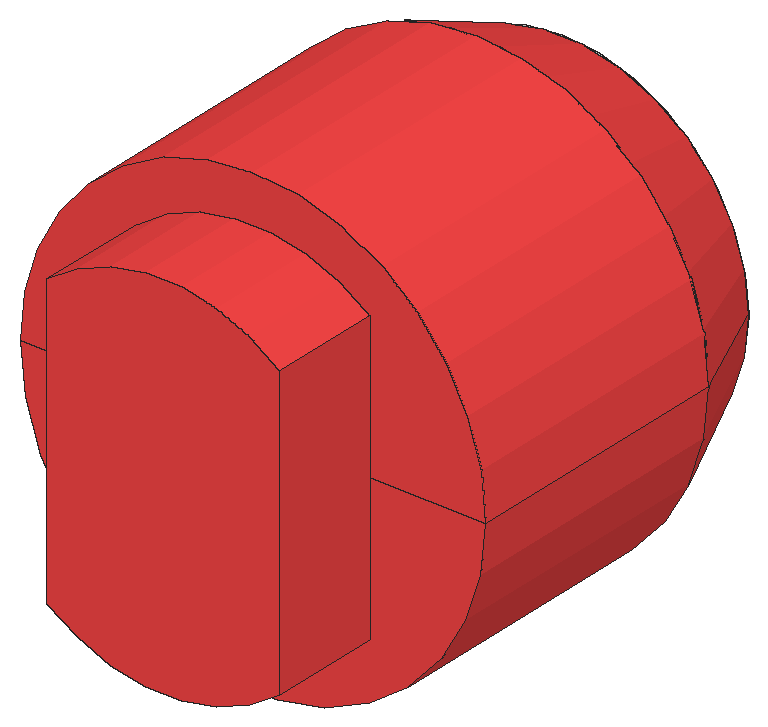
Revit family "CWSS-RW-W6 ENScape optisk-akustisk signalgiver rød IP65_Vegg", category Fire Alarm Devices, Revit 2016
Family settings
  Maintain Annotation Orientation = Yes
  Part Type = Normal
  Round Connector Dimension = Use Diameter
  OmniClass Number = 23.85.30.21.11.17
  OmniClass Title = Other Components
  Work Plane-Based = No
  Always vertical = No
  Cut with Voids When Loaded = No
  Shared = No
  Room Calculation Point = No
Parameters (values of type "Optisk signalgiver")
  Type Comments = "-XH"
  Reference Line Out [instance] = 45.00 mm
  NS8360 = "5423_XN2"
  Manufacturer = "Honeywell"
  Keynote = "XN2"
  IP r = CQ Length A / 2 - 10.00 mm  # 40.00 mm
  CQ Symbol Positive Direction [instance] = yes
  CQ Symbol Offset Side [instance] = 0.00 mm
  CQ Symbol Offset Out [instance] = 0.00 mm
  CQ Material = Plastic - Red
  CQ Length B = 98.00 mm
  CQ Length A = 100.00 mm
  Assembly Code = "5423"
Reference planes
  plane 1 "Center (Front/Back)": y = 0
  plane 2: z = 0
  plane 3 "Center (Left/Right)": x = 0
  plane 4: x = -50
  plane 5: x = 50
  plane 6: y = 98
  plane 7: y = 83
  plane 8: y = -24
Forms (mm)
  Revolve 1, solid, material "Plastic - Red" <- "CQ Material"
    sketch origin (0, 0, 0) x (1, 0, 0) y (0, -1, 0)
      loop
        line (0, 0) -> (0, -83) -> (40, -83) -> (50, -60) -> (50, 0) -> (0, 0)
      axis (0, -83) -> (0, 0)
    angle from 0 to 360
  Revolve 2, solid, material "Plastic White Transparent"
    sketch origin (0, 0, 0) x (1, 0, 0) y (0, 1, 0)
      loop
        line (0, 83) -> (40, 83)
        arc (40, 83) -> (21.893, 94.121) -> (1, 98) r 58.2
        line (1, 98) -> (0, 98) -> (0, 83)
      axis (0, 98) -> (0, 83)
    angle from 0 to 360
  Extrusion 3, solid, material "Plastic - Red" <- "CQ Material"
    sketch origin (0, 0, 0) x (1, 0, 0) y (0, 0, 1)
      loop
        arc (25, 31.225) -> (0, 40) -> (-25, 31.225) r 40
        line (-25, 31.225) -> (-25, -31.225)
        arc (-25, -31.225) -> (0, -40) -> (25, -31.225) r 40
        line (25, -31.225) -> (25, 31.225)
    from 0 to 24
Cuts and joins
  joined: Revolve 1, Extrusion 3
Lines and regions (mm)
  model lines, style "InvisibleLines"
    curve 1: line (0, 0, 0) -> (0, 45, 0)
Dimensions and locks
  "Reference Line Out": plane 1 "Center (Front/Back)" to curve 1
  "CQ Length B": plane 6 to plane 1 "Center (Front/Back)"
  plane 6 to plane 7 = 15.00 mm
  equal spacing: plane 4, plane 3 "Center (Left/Right)", plane 5
  "CQ Length A": plane 4 to plane 5
  plane 8 to plane 1 "Center (Front/Back)" = 24.00 mm
  Extrusion 3 sketch curve to plane 4 = 25.00 mm
  locked: Extrusion 3 sketch curve to plane 5 at 25
  radius of Extrusion 3 sketch curve = 40.00 mm
  "IP r": radius of Extrusion 3 sketch curve
  aligned and locked: level to plane 2
  aligned and locked: curve 1 to plane 3 "Center (Left/Right)"
  aligned and locked: plane 1 "Center (Front/Back)" to curve 1
  aligned and locked: curve 1 to plane 2
  aligned and locked: plane 1 "Center (Front/Back)" to Revolve 1 sketch curve
  aligned and locked: plane 3 "Center (Left/Right)" to nested 1
  aligned and locked: plane 1 "Center (Front/Back)" to nested 1
  aligned and locked: Revolve 1 sketch curve to plane 7
  aligned and locked: Revolve 1 sketch curve to plane 3 "Center (Left/Right)"
  aligned and locked: nested 1 to Revolve 2 sketch curve
  aligned and locked: Revolve 2 sketch curve to plane 7
  aligned and locked: Revolve 2 sketch curve to plane 6
  aligned and locked: cut or joined group of Revolve 1, Extrusion 3 to plane 8
Automatic sketch dimensions
  Revolve 1 sketch curve to plane 3 "Center (Left/Right)" = 0.00 mm
  Revolve 1 sketch curve to plane 5 = 0.00 mm
  plane 5 to Revolve 1 sketch curve = 10.00 mm
  plane 7 to Revolve 1 sketch curve = 23.00 mm
  Revolve 1 sketch curve to plane 6 = 15.00 mm
  Revolve 1 sketch curve to Revolve 1 sketch curve = 38.00 mm
  Revolve 2 sketch curve to plane 3 "Center (Left/Right)" = 0.00 mm
  plane 3 "Center (Left/Right)" to Revolve 2 sketch curve = 1.00 mm
  Revolve 2 sketch curve to plane 1 "Center (Front/Back)" = 39.80 mm
  Revolve 2 sketch curve to plane 6 = 3.38 mm
  Revolve 2 sketch curve to Revolve 2 sketch curve = 20.00 mm
  Extrusion 3 sketch curve to Extrusion 3 sketch curve = 0.00 mm  (x2)
  Extrusion 3 sketch curve to level = 0.00 mm
  Extrusion 3 sketch curve to plane 3 "Center (Left/Right)" = 0.00 mm
Nested families
  nested 1: "Optisk alarmapparat" at (0, 0, 0), type "Type 1"
Connectors
  electrical at (0, 0, 0)
    settings: index 1, voltage 0 V, apparent load 0 VA, apparent load phase1 0 VA, apparent load phase2 0 VA, apparent load phase3 0 VA, power factor 1, load classification "Other", number of poles 1, system type 11, power factor state 1, is connector primary yes, connector utility no, sub classification motor no, connector description ""
Definition of nested family "Optisk alarmapparat"
  Parameters
    CQ Symbol Positive Direction = yes
    CQ Symbol Negative Direction = not(CQ Symbol Positive Direction)  # no
    CQ Symbol Offset Side = 0.00 mm
    CQ Symbol Offset Out = 1.00 mm
  Reference planes
    plane 1: y = 0
    plane 2: x = 0
  Dimensions and locks
    "CQ Symbol Offset Out": plane 1 to nested 2
    "CQ Symbol Offset Out": plane 1 to nested 1
    "CQ Symbol Offset Side": plane 2 to nested 1
    "CQ Symbol Offset Side": nested 2 to plane 2
  Nested families
    nested 1: "Optisk AlarmapparatSub" at (0, 1, 0), visible <- "CQ Symbol Positive Direction", type "Type 1"
    nested 2: "Optisk AlarmapparatSub" at (0, 1, 0), visible <- "CQ Symbol Negative Direction", type "Type 1"
  Definition of nested family "Optisk AlarmapparatSub"
    Reference planes
      plane 1: y = 0
      plane 2: x = 0
    Lines and regions (mm)
      detail lines
        curve 1: circle (0, 2.5, 0) r 2.5 normal (0, 0, 1)
        curve 2: line (-1.768, 4.268, 0) -> (1.768, 0.732, 0)
        curve 3: line (-1.768, 0.732, 0) -> (1.768, 4.268, 0)
        curve 4: line (-0.001, 5.5, 0) -> (4.748, 5.5, 0)
    Text (mm)
      text "PL" at (1.733, 7.087, 0)
